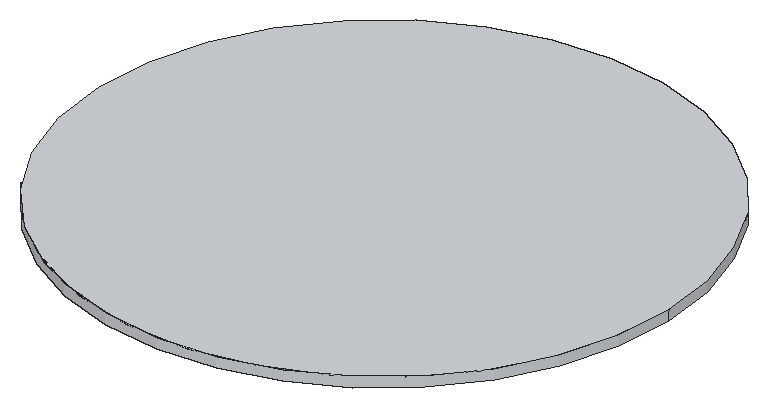
Revit family "CITY", category Lighting Fixtures, host Face, Revit 2023 (continued)
Types (10, lengths in mm): name | Radio | Photometric Web File | built-in parameter 1150142 | Manufacturer | LuxLight_Watios | LuxLight_Temperatura | LuxLight_Lumenes
  LISUP1083 | 541.5 | "LISUP108301 .ies" | "IESNA:LM-63-2002\r\n[TEST] Viso  - serial: n/a sensor serial: n/a\r\n[TESTLAB] Viso  - serial: n/a sensor serial: n/a - Test lab\r\n[MANUFAC] LUX LIGHT\r\n[ISSUEDATE] 12/9/2025\r\n[LUMINAIRE] CITY ROUND 3000K 10W Ø115x55mm\r\n[LUMCAT] N/A\r\nTILT=NONE\r\n1 750 1 181 17 1 2 -0.11 -0.11 0\r\n1.0 1.0 10.00\r\n0 1 2 3 4 5 6 7 8 9 10 11 12 13 14 15 16 17 18 19 20 21 22 23 24 25 26 27 28 29 30 31 32 33 34 35 36 37 38 39 40 41 42 43 44 45 46 47 48 49 50 51 52 53 54 55 56 57 58 59 60 61 62 63 64 65 66 67 68 69 70 71 72 73 74 75 76 77 78 79 80\r\n 81 82 83 84 85 86 87 88 89 90 91 92 93 94 95 96 97 98 99 100 101 102 103 104 105 106 107 108 109 110 111 112 113 114 115 116 117 118 119 120 121 122 123 124 125 126 127 128 129 130 131 132 133 134 135 136 137 138 139 140 141 142 143\r\n 144 145 146 147 148 149 150 151 152 153 154 155 156 157 158 159 160 161 162 163 164 165 166 167 168 169 170 171 172 173 174 175 176 177 178 179 180\r\n0 22.5 45 67.5 90 112.5 135 157.5 180 202.5 225 247.5 270 292.5 315 337.5 360 \r\n272.972015 272.332642 272.227631 271.965118 271.605103 271.132599 270.54007 269.887573 269.032532 268.244995 267.299988 266.189941 265.057404 263.88739 262.514862 261.134827 259.447266 257.902222 256.222168 254.33963 252.562073 250.657013\r\n 248.459457 246.411896 244.034332 241.836777 239.459213 236.856644 234.441559 231.839005 228.966415 226.288834 223.176254 220.401184 217.438583 214.235992 211.160919 208.018326 204.44072 201.245636 197.518036 194.157928 190.685333\r\n 186.59024 183.020126 179.262527 175.20491 171.49231 167.17218 163.264572 159.184448 154.811829 150.626724 146.164093 141.851471 137.673859 133.083725 128.598602 124.29348 119.30584 114.92572 110.12558 105.505455 100.825325 95.882683\r\n 91.127556 86.589928 81.347282 76.749649 71.762009 66.894379 62.266743 56.941593 52.268967 47.348827 42.113678 37.15604 32.025898 27.443268 22.695635 17.835499 13.275372 9.157757 5.212646 2.707576 1.912554 1.402539 1.05753 0.810023\r\n 0.682519 0.667519 0.652518 0.660019 0.690019 0.70502 0.735021 0.742521 0.757521 0.765021 0.810023 0.832523 0.855024 0.870024 0.892525 0.915026 0.945026 0.952527 0.982528 1.012528 1.050029 1.06503 1.110031 1.140032 1.177533 1.222534\r\n 1.252535 1.275036 1.282536 1.312537 1.350038 1.365038 1.41754 1.44004 1.455041 1.500042 1.530043 1.560044 1.582544 1.597545 1.620045 1.672547 1.725048 1.732548 1.755049 1.79255 1.837551 1.860052 1.867552 1.875053 1.927554 1.950055\r\n 1.972555 2.025057 2.047557 2.077558 2.100059 2.122559 2.115059 2.13756 2.167561 2.182561 2.197562 2.205062 2.242563 2.265064 2.295064 2.280064 2.272564 2.272564 2.295064 2.302565 2.332565 2.355066 2.355066 2.370066 2.407568 2.422568\r\n 2.430068 2.445068 2.452569 2.445068 2.460069 2.460069 2.452569 2.475069 2.48257 2.49007 2.49007 2.48257 2.527571 2.49757\r\n272.972015 272.520142 272.377625 272.047638 271.642609 271.162598 270.585083 269.917572 269.107544 268.230011 267.23999 266.137451 265.004913 263.789886 262.379852 260.924835 259.379761 257.767242 256.102173 254.174622 252.404572 250.484512\r\n 248.391953 246.164398 243.816833 241.671768 239.294205 236.691635 234.246567 231.606491 228.816406 226.078827 223.071259 220.131165 217.288589 213.913498 210.913406 207.853333 204.283218 201.073135 197.338028 193.94043 190.347824\r\n 186.395218 182.780121 179.007523 174.987396 171.064789 166.887177 162.799561 158.891953 154.369324 150.334213 145.871582 141.566467 137.358841 132.551208 128.306107 123.805969 119.148331 114.768211 109.765572 105.145447 100.652824\r\n 95.755188 90.985046 86.484924 81.257271 76.674652 71.657005 66.834366 62.281742 56.949093 52.276466 47.393829 42.06118 37.403549 32.355907 27.788279 23.055647 18.240511 13.747886 9.697772 5.677659 2.85008 2.077558 1.545043 1.170033\r\n 0.885025 0.757521 0.72752 0.70502 0.742521 0.735021 0.757521 0.795022 0.802522 0.817523 0.855024 0.877525 0.885025 0.915026 0.945026 0.960027 1.020029 1.050029 1.06503 1.08753 1.132532 1.147532 1.162533 1.200034 1.237535 1.252535\r\n 1.282536 1.320037 1.350038 1.380039 1.42504 1.462541 1.500042 1.515042 1.537543 1.567544 1.597545 1.635046 1.657547 1.657547 1.710048 1.747549 1.755049 1.80005 1.822551 1.875053 1.890053 1.927554 1.950055 1.980055 2.002556 2.047557\r\n 2.055058 2.085058 2.100059 2.122559 2.13006 2.15256 2.167561 2.197562 2.220062 2.242563 2.272564 2.280064 2.302565 2.347566 2.347566 2.370066 2.385067 2.385067 2.407568 2.392567 2.377567 2.385067 2.415068 2.445068 2.452569 2.452569\r\n 2.460069 2.51257 2.49007 2.51257 2.520071 2.520071 2.535071 2.535071 2.557572 2.550071 2.557572 2.550071 2.565072 2.550071 2.49757\r\n272.972015 272.775116 272.520142 272.272644 271.852631 271.312592 270.757599 270.052582 269.182526 268.365021 267.382477 266.189941 265.079926 263.789886 262.38736 260.977325 259.349762 257.797241 256.079681 254.114624 252.26207 250.447021\r\n 248.144455 246.089401 243.696823 241.476761 239.061691 236.48912 233.931549 231.418991 228.4189 225.808838 222.636246 219.80867 217.01857 213.650986 210.508392 207.448318 203.855713 200.593109 196.798004 193.460419 189.807816 185.855209\r\n 182.30011 178.684998 174.417389 170.472275 166.317154 162.274551 158.314438 153.77681 149.7267 145.054062 140.936447 136.781326 131.988693 127.751076 123.235947 118.495819 113.905685 109.030548 104.31292 99.775291 94.547646 89.980019\r\n 85.374886 80.049744 75.384613 70.314468 65.506836 60.916706 55.659061 50.896427 46.403801 41.273655 36.796028 31.928394 27.330765 22.988144 18.143007 13.980392 9.855275 6.030169 3.337594 2.062558 1.530043 1.08753 0.780022 0.645018\r\n 0.600017 0.615017 0.682519 0.690019 0.690019 0.690019 0.70502 0.765021 0.795022 0.795022 0.817523 0.870024 0.885025 0.915026 0.937526 0.975027 0.945026 0.975027 0.990028 1.012528 1.050029 1.110031 1.132532 1.170033 1.200034 1.215034\r\n 1.282536 1.312537 1.342538 1.380039 1.43254 1.477541 1.530043 1.560044 1.582544 1.597545 1.642546 1.657547 1.687547 1.732548 1.755049 1.78505 1.830051 1.852552 1.890053 1.912554 1.927554 1.980055 2.002556 2.002556 2.040057 2.077558\r\n 2.100059 2.13006 2.15256 2.167561 2.197562 2.205062 2.235063 2.265064 2.272564 2.302565 2.295064 2.332565 2.332565 2.347566 2.370066 2.377567 2.452569 2.49007 2.49757 2.527571 2.535071 2.550071 2.527571 2.527571 2.49007 2.51257 2.520071\r\n 2.527571 2.535071 2.49007 2.49007 2.48257 2.48257 2.49757 2.48257 2.51257 2.520071 2.520071 2.49757\r\n272.972015 272.917664 272.692627 272.392639 272.017639 271.53009 270.840088 270.150055 269.287537 268.387512 267.367462 266.279938 265.192413 263.88739 262.38736 260.909821 259.304749 257.624695 256.034668 254.114624 252.217072 250.342026\r\n 248.054443 246.014404 243.539322 241.266754 238.889206 236.346619 233.766541 231.223984 228.223892 225.598816 222.426224 219.606155 216.621078 213.305984 210.185883 207.035797 203.443192 200.20311 196.415512 192.995407 189.507813\r\n 185.5327 181.782593 177.949997 173.854874 169.939758 165.717133 161.802032 157.586914 153.13179 148.796661 144.124039 139.638901 135.333786 130.376144 125.973534 121.360901 116.425758 111.730629 106.772987 102.250359 97.435234 92.447586\r\n 87.67746 83.012329 77.912186 73.059547 67.951904 63.144272 58.51664 53.213993 48.60136 43.808727 38.836086 34.065952 29.175817 24.788195 20.535576 16.470461 12.697856 9.30776 5.857664 3.247591 1.927554 1.492542 1.095031 0.810023 0.682519\r\n 0.630018 0.645018 0.645018 0.622517 0.667519 0.667519 0.667519 0.690019 0.735021 0.765021 0.795022 0.832523 0.877525 0.877525 0.937526 0.952527 0.960027 0.982528 1.020029 1.020029 1.05753 1.05753 1.125031 1.162533 1.200034 1.222534\r\n 1.245035 1.275036 1.305037 1.320037 1.342538 1.365038 1.402539 1.462541 1.477541 1.515042 1.537543 1.575044 1.597545 1.612545 1.672547 1.710048 1.725048 1.755049 1.80005 1.830051 1.852552 1.867552 1.927554 1.942554 1.965055 1.987556\r\n 2.047557 2.077558 2.085058 2.122559 2.160061 2.160061 2.205062 2.220062 2.190061 2.242563 2.242563 2.272564 2.340065 2.355066 2.370066 2.385067 2.407568 2.422568 2.445068 2.475069 2.475069 2.49007 2.520071 2.51257 2.51257 2.49007\r\n 2.49007 2.49757 2.51257 2.51257 2.520071 2.520071 2.51257 2.550071 2.535071 2.535071 2.535071 2.527571 2.49757\r\n272.972015 274.927704 274.680176 274.297699 273.832672 273.38266 272.625122 271.912628 271.095093 270.090057 269.100037 267.9375 266.632477 265.379944 263.93988 262.424866 260.699799 259.184753 257.362213 255.449661 253.484589 251.534546\r\n 249.239487 247.064423 244.521851 242.286789 239.804214 237.096634 234.441559 231.891495 228.786407 226.018829 222.921234 220.018661 216.95108 213.59848 210.373383 207.268311 203.563202 200.255615 196.415512 192.755402 189.252792 185.090195\r\n 181.482574 177.387482 173.359848 169.347244 164.757111 160.474503 156.281876 151.496735 147.214127 142.331482 137.981354 133.391235 128.568604 123.730965 119.208344 114.250702 109.458069 104.440422 99.587791 94.787659 89.695007 84.864883\r\n 80.012245 74.919601 70.224472 64.884315 60.024181 55.411552 50.093903 45.466274 40.651142 35.460991 30.930866 25.75572 21.368099 16.950476 12.967863 9.540267 6.247675 3.427596 1.950055 1.402539 1.012528 0.72002 0.555016 0.472513 0.472513\r\n 0.480013 0.502514 0.480013 0.487514 0.510014 0.547515 0.555016 0.592517 0.630018 0.652518 0.667519 0.70502 0.72002 0.735021 0.742521 0.795022 0.832523 0.847524 0.870024 0.907525 0.922526 0.952527 0.990028 1.020029 1.035029 1.08753\r\n 1.110031 1.147532 1.185033 1.215034 1.282536 1.320037 1.350038 1.365038 1.380039 1.402539 1.44004 1.44004 1.492542 1.530043 1.507542 1.537543 1.560044 1.575044 1.612545 1.650046 1.672547 1.687547 1.725048 1.732548 1.78505 1.80005\r\n 1.822551 1.837551 1.875053 1.875053 1.935054 1.942554 1.950055 2.017556 2.017556 2.025057 2.062558 2.092559 2.100059 2.115059 2.13006 2.13756 2.160061 2.182561 2.197562 2.205062 2.197562 2.190061 2.220062 2.227562 2.227562 2.265064\r\n 2.265064 2.280064 2.295064 2.302565 2.302565 2.302565 2.295064 2.310065 2.310065 2.332565 2.310065 2.49757\r\n272.972015 273.127655 272.925171 272.542633 272.12262 271.642609 271.057587 270.315063 269.392548 268.44751 267.45752 266.257446 265.072418 263.842377 262.424866 260.909821 259.154755 257.594696 255.959671 253.889618 252.029572 250.042007\r\n 247.821945 245.66188 243.269318 240.929245 238.58168 235.911606 233.346527 230.721466 227.691376 224.968796 221.803711 218.826141 215.908539 212.488449 209.383362 206.120773 202.60318 199.175583 195.470474 191.885376 188.352783 184.452667\r\n 180.612564 176.404938 172.639832 168.694733 164.254608 160.166992 156.131882 151.421738 147.206619 142.301483 137.981354 133.436234 128.636108 124.023468 119.358345 114.468201 109.690575 104.515427 99.962799 95.185165 90.152527 85.344887\r\n 80.477249 75.399612 70.734482 65.401833 60.744202 55.891563 50.828922 46.00629 41.183651 36.02351 31.523382 26.595745 22.215622 18.18051 14.152897 10.635298 7.185201 4.155117 2.167561 1.560044 1.147532 0.855024 0.690019 0.592517 0.645018\r\n 0.660019 0.630018 0.630018 0.660019 0.682519 0.70502 0.72752 0.765021 0.780022 0.810023 0.840024 0.855024 0.885025 0.885025 0.907525 0.952527 0.982528 1.020029 1.035029 1.06503 1.095031 1.140032 1.170033 1.170033 1.222534 1.245035\r\n 1.275036 1.312537 1.312537 1.380039 1.380039 1.41754 1.43254 1.462541 1.500042 1.545043 1.567544 1.605045 1.642546 1.635046 1.657547 1.710048 1.747549 1.762549 1.79255 1.822551 1.837551 1.867552 1.897553 1.935054 1.950055 1.972555\r\n 2.002556 2.047557 2.062558 2.077558 2.115059 2.122559 2.160061 2.190061 2.205062 2.227562 2.235063 2.257563 2.235063 2.242563 2.272564 2.272564 2.302565 2.280064 2.332565 2.340065 2.347566 2.347566 2.370066 2.407568 2.415068 2.422568\r\n 2.415068 2.430068 2.452569 2.475069 2.475069 2.475069 2.460069 2.48257 2.475069 2.475069 2.475069 2.49757\r\n272.972015 272.430115 272.287628 271.93512 271.627594 271.095093 270.435059 269.767578 268.942535 268.050018 267.209991 265.949951 264.817413 263.51239 262.087341 260.662292 259.042267 257.36969 255.78717 253.844604 251.93956 249.96701\r\n 247.746948 245.654388 243.269318 240.951752 238.686676 236.091614 233.489044 230.938965 227.923874 225.058807 222.111221 219.193634 216.253555 212.810959 209.743378 206.458282 202.985687 199.57309 195.9505 192.327881 188.8703 184.985184\r\n 181.205078 177.034958 173.247345 169.332245 164.944626 160.887009 156.87439 152.26178 148.196655 143.494019 139.368912 134.966278 130.173645 125.906021 121.405899 116.418259 111.985634 107.163002 102.505371 97.84024 92.927605 88.194969\r\n 83.364838 78.347198 73.674568 68.401917 63.549282 58.929153 53.904011 49.043873 44.25124 39.226097 34.425964 29.453325 24.743193 20.168064 15.495434 11.460321 7.612713 4.28262 2.332565 1.642546 1.200034 0.885025 0.72002 0.652518 0.660019\r\n 0.660019 0.667519 0.660019 0.70502 0.70502 0.72752 0.735021 0.765021 0.810023 0.840024 0.870024 0.907525 0.907525 0.922526 0.960027 0.975027 0.990028 1.05753 1.095031 1.110031 1.132532 1.177533 1.185033 1.215034 1.245035 1.282536\r\n 1.290036 1.342538 1.387539 1.402539 1.43254 1.455041 1.500042 1.515042 1.492542 1.507542 1.537543 1.620045 1.635046 1.710048 1.732548 1.755049 1.77005 1.807551 1.822551 1.852552 1.867552 1.905053 1.935054 1.950055 1.972555 1.965055\r\n 1.950055 1.980055 2.017556 2.055058 2.085058 2.085058 2.13006 2.13006 2.160061 2.197562 2.227562 2.235063 2.242563 2.265064 2.302565 2.302565 2.310065 2.355066 2.370066 2.370066 2.377567 2.385067 2.392567 2.415068 2.422568 2.445068\r\n 2.445068 2.460069 2.48257 2.475069 2.475069 2.49007 2.51257 2.49757 2.49007 2.49757 2.520071 2.49757\r\n272.972015 272.370117 272.227631 271.912628 271.560089 271.125092 270.562561 269.857574 269.032532 268.274994 267.284973 266.212433 264.974915 263.864899 262.447357 261.082336 259.477264 257.834747 256.252167 254.272125 252.562073\r\n 250.559525 248.459457 246.299393 243.966843 241.671768 239.346695 236.654129 234.186554 231.643982 228.801407 226.018829 222.943741 220.033661 217.093582 213.823502 210.808411 207.59082 204.073227 200.623108 197.060516 193.535416\r\n 190.06282 185.952698 182.195099 178.212494 174.282379 170.53978 166.189651 162.109543 158.006927 153.559296 149.509186 144.806564 140.456436 136.301315 131.388672 126.956055 122.650932 117.625793 113.260674 108.183029 103.712906 99.070274\r\n 93.910133 89.417503 84.654869 79.427231 74.799599 69.489449 64.816818 60.099182 54.66153 49.636391 44.88126 39.391102 34.463467 29.543327 24.713192 20.010561 15.270429 10.905305 7.1327 3.630102 2.13756 1.530043 1.132532 0.840024 0.660019\r\n 0.630018 0.615017 0.615017 0.645018 0.660019 0.682519 0.69752 0.72002 0.757521 0.757521 0.810023 0.810023 0.840024 0.855024 0.892525 0.922526 0.937526 0.960027 0.990028 1.020029 1.05753 1.095031 1.125031 1.132532 1.170033 1.170033\r\n 1.207534 1.252535 1.282536 1.312537 1.350038 1.387539 1.380039 1.41754 1.455041 1.492542 1.492542 1.507542 1.537543 1.567544 1.597545 1.657547 1.680047 1.687547 1.732548 1.77005 1.807551 1.860052 1.867552 1.905053 1.927554 1.935054\r\n 1.980055 1.980055 2.017556 2.055058 2.047557 2.085058 2.115059 2.160061 2.190061 2.205062 2.227562 2.235063 2.220062 2.235063 2.257563 2.302565 2.295064 2.302565 2.310065 2.340065 2.347566 2.377567 2.392567 2.407568 2.407568 2.385067\r\n 2.422568 2.452569 2.430068 2.452569 2.460069 2.475069 2.475069 2.51257 2.49757 2.49007 2.49757 2.51257 2.51257 2.49757\r\n272.972015 272.407623 272.272644 272.047638 271.710114 271.23761 270.615082 270.022583 269.235046 268.410004 267.600006 266.444977 265.454956 264.232422 262.837341 261.524811 259.844788 258.382233 256.702209 254.879639 253.042099 251.182037\r\n 249.014481 246.959412 244.521851 242.391785 240.066727 237.464157 234.936569 232.461517 229.558929 226.94136 223.836273 221.083694 218.061096 214.626007 211.65593 208.348343 204.980743 201.613144 197.960541 194.412949 191.000351 187.130249\r\n 183.410141 179.435013 175.489914 171.589813 167.232178 163.189575 159.206955 154.849335 150.59671 145.849091 141.708969 137.283844 132.446213 128.141083 123.640961 118.810829 114.160698 109.315559 104.642929 99.850304 94.870155 90.130028\r\n 85.569893 80.289749 75.58712 70.179466 65.409332 60.346691 55.074039 5
